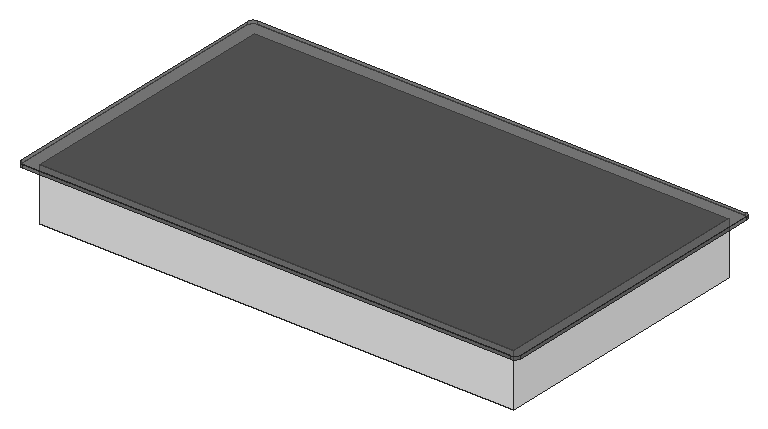
Revit family "M_Fogão-elétrico-900 mm", category Equipamento especial, Revit 2019
Family settings
  Cota do conector redondo = Utilizar diâmetro
  Tipo de parte = Normal
  Número OmniClass = 23.40.40.14
  Título OmniClass = Food Service Equipment
  Com base no plano de trabalho = Sim
  Sempre na vertical = Sim
  Corte com vazios quando carregada = Não
  Compartilhado = Não
  Ponto de cálculo do ambiente = Não
Parameters (values of type "900mm")
  Largura = 900 mm
  Voltagem = 120 V
  Type Comments = ""
  Acabamento do porão = Eletrodoméstico – Cromado
  Mostrar legenda = yes
  Consumo de energia = 1000 VA
  Legenda = "Fogão"
  Altura da superfície = 6 mm
  Espessura da carcaça = 100 mm
  Descrição = "Fogão elétrico"
  Elevação-padrão = 1200 mm
  Profundidade do balcão = 530 mm
  Código de montagem = "E1090320"
  Acabamento do eletrodoméstico = Eletrodoméstico – Vidro
  Amperagem = Consumo de energia / Voltagem  # 8.33333 A
Reference planes
  plane 1 "Face do armário": y = 3.2
  plane 2: z = 0
  plane 3 "Centro (Esquerda/Direita)": x = 0
  plane 4 "Esquerda": x = -450
  plane 5 "Direita": x = 450
  plane 6 "Parte posterior": y = 268.2
  plane 7 "Traseira da porta": y = -261.8
  plane 8 "Superior": z = 6
  plane 9 "Base": z = -94
  plane 10: x = -428
  plane 11: x = 428
  plane 12: y = -239.8
  plane 13: y = 246.2
  plane 14 "Fogão elétrico": x = 364.5
  plane 15: x = -297.063
  plane 16: x = -25.529
  plane 17: x = -51.675
  plane 18: x = 259.463
  plane 19: y = 210.653
  plane 20: y = -112.275
  plane 21: y = -123.387
  plane 22: y = 40.4
  plane 23: y = 118.975
  plane 24: y = 103.7
  plane 25: x = 65.276
  plane 26: y = -144.096
  plane 27: x = -52.428
  plane 28: y = -515.8
Forms (mm)
  Extrusion 1, solid, material "Eletrodoméstico – Vidro" <- "Acabamento do eletrodoméstico"
    sketch origin (0, 0, 0) x (1, 0, 0) y (0, 1, 0)
      loop
        arc (-440.475, 268.2) -> (-447.21, 265.41) -> (-450, 258.675) r 9.525
        line (-450, 258.675) -> (-450, -252.275)
        arc (-450, -252.275) -> (-447.21, -259.01) -> (-440.475, -261.8) r 9.525
        line (-440.475, -261.8) -> (440.475, -261.8)
        arc (440.475, -261.8) -> (447.21, -259.01) -> (450, -252.275) r 9.525
        line (450, -252.275) -> (450, 258.675)
        arc (450, 258.675) -> (447.21, 265.41) -> (440.475, 268.2) r 9.525
        line (440.475, 268.2) -> (-440.475, 268.2)
    from 0 to 6
  Extrusion 2, solid, material "Eletrodoméstico – Vidro" <- "Acabamento do eletrodoméstico"
    sketch origin (0, 0, -94) x (-1, 0, 0) y (0, -1, 0)
      loop
        line (428, -246.2) -> (428, 239.8) -> (-428, 239.8) -> (-428, -246.2) -> (428, -246.2)
    from 0 to 94
  Sweep 3, solid, material "Eletrodoméstico – Cromado" <- "Acabamento do porão", detail levels medium+fine
    path origin (364.5, 0, 0) x (0, 0, 1) y (0, -1, 0)
      loop
        line (-97.528, -132.338) -> (-97.528, -158.196)
        arc (-97.528, -158.196) -> (-97.063, -159.319) -> (-95.94, -159.784) r 1.587
        line (-95.94, -159.784) -> (-94, -159.784)
    profile origin (364.5, 145.267, -97.528) x (0, 0, 1) y (1, 0, 0)
      loop
        circle (-12.7, 0) r 12.7
Lines and regions (mm)
  Split face 1
    outline origin (-7.2, 0, 6) x (1, 0, 0) y (0, 1, 0)
      loop
        line (457.2, -144.096) -> (72.476, -144.096) -> (-45.228, -261.8)
  Split face 2
    outline origin (7.938, 3.175, 6) x (1, 0, 0) y (0, 1, 0)
      loop
        circle (-305, 115.8) r 91.678
  Split face 3
    outline origin (7.938, 3.175, 6) x (1, 0, 0) y (0, 1, 0)
      loop
        circle (-305, 115.8) r 88.503
  Split face 4
    outline origin (17.462, -25.4, 6) x (1, 0, 0) y (0, 1, 0)
      loop
        circle (242, 65.8) r 66.675
  Split face 5
    outline origin (17.462, -25.4, 6) x (1, 0, 0) y (0, 1, 0)
      loop
        circle (242, 65.8) r 69.85
  Split face 6
    outline origin (17.462, -25.4, 6) x (1, 0, 0) y (0, 1, 0)
      loop
        circle (242, 65.8) r 103.188
  Split face 7
    outline origin (17.462, -25.4, 6) x (1, 0, 0) y (0, 1, 0)
      loop
        circle (242, 65.8) r 106.362
  Split face 8
    outline origin (17.462, -25.4, 6) x (1, 0, 0) y (0, 1, 0)
      loop
        circle (242, 65.8) r 130.175
  Split face 9
    outline origin (17.462, -25.4, 6) x (1, 0, 0) y (0, 1, 0)
      loop
        circle (242, 65.8) r 134.938
  Split face 10
    outline origin (0, 0, 6) x (1, 0, 0) y (0, 1, 0)
      loop
        circle (-297.063, -112.275) r 91.678
  Split face 11
    outline origin (60.325, -1.587, 6) x (1, 0, 0) y (0, 1, 0)
      loop
        circle (-112, -121.8) r 73.025
  Split face 12
    outline origin (60.325, -1.587, 6) x (1, 0, 0) y (0, 1, 0)
      loop
        circle (-112, -121.8) r 69.85
  Split face 13
    outline origin (0, 0, 6) x (1, 0, 0) y (0, 1, 0)
      loop
        circle (-297.063, -112.275) r 88.503
  Split face 14
    outline origin (0, 0, 6) x (1, 0, 0) y (0, 1, 0)
      loop
        circle (-25.529, 103.7) r 68.263
  Split face 15
    outline origin (0, 0, 6) x (1, 0, 0) y (0, 1, 0)
      loop
        circle (-25.529, 103.7) r 103.209
  Split face 16
    outline origin (0, 0, 6) x (1, 0, 0) y (0, 1, 0)
      loop
        line (-389.245, 84.166) -> (-389.245, -74.583)
        arc (-389.245, -74.583) -> (-387.657, -76.171) -> (-386.07, -74.583) r 1.588
        line (-386.07, -74.583) -> (-386.07, 84.166)
        arc (-386.07, 84.166) -> (-387.657, 85.754) -> (-389.245, 84.166) r 1.588
  Split face 17
    outline origin (0, 0, 6) x (1, 0, 0) y (0, 1, 0)
      loop
        line (-208.055, 84.166) -> (-208.055, -74.583)
        arc (-208.055, -74.583) -> (-206.468, -76.171) -> (-204.88, -74.583) r 1.588
        line (-204.88, -74.583) -> (-204.88, 84.166)
        arc (-204.88, 84.166) -> (-206.468, 85.754) -> (-208.055, 84.166) r 1.588
  Split face 18
    outline origin (0, 0, 6) x (1, 0, 0) y (0, 1, 0)
      loop
        circle (-25.529, 103.7) r 106.363
  Split face 19
    outline origin (0, 0, 6) x (1, 0, 0) y (0, 1, 0)
      loop
        circle (-297.063, 118.975) r 88.503
  Split face 20
    outline origin (0, 0, 0) x (-1, 0, 0) y (0, -1, 0)
      loop
        circle (-259.463, -40.4) r 66.675
  Split face 21
    outline origin (0, 0, 6) x (1, 0, 0) y (0, 1, 0)
      loop
        circle (-25.529, 103.7) r 65.228
  model lines, style "Eletrodomésticos"
    curve 1: line (364.5, 169.909, -121.658) -> (364.5, 169.909, -94)
Dimensions and locks
  equal spacing: plane 4 "Esquerda", plane 3 "Centro (Esquerda/Direita)", plane 5 "Direita"
  "Largura": plane 4 "Esquerda" to plane 5 "Direita"
  "Altura da superfície": plane 8 "Superior" to level
  "Espessura da carcaça": plane 8 "Superior" to plane 9 "Base"
  "Profundidade do balcão": plane 6 "Parte posterior" to plane 7 "Traseira da porta"
  equal spacing: plane 6 "Parte posterior", plane 1 "Face do armário", plane 7 "Traseira da porta"
  locked: plane 4 "Esquerda" to plane 10 at 22
  locked: plane 11 to plane 5 "Direita" at 22
  locked: plane 6 "Parte posterior" to plane 13 at 22
  locked: plane 12 to plane 7 "Traseira da porta" at 22
  locked: plane 14 "Fogão elétrico" to plane 11 at 63.5
  plane 10 to plane 15 to plane 16 = 130.937 mm locked, 271.534 mm locked
  locked: plane 18 to plane 11 at 168.538
  locked: plane 10 to plane 17 at 376.325
  locked: plane 12 to plane 20 at 127.525
  locked: plane 12 to plane 21 at 116.413
  locked: plane 13 to plane 22 at 205.8
  locked: plane 13 to plane 19 at 35.547
  locked: plane 19 to plane 23 at 91.678
  locked: plane 19 to plane 24 at 106.953
  locked: plane 25 to plane 5 "Direita" at 384.724
  locked: plane 26 to plane 7 "Traseira da porta" at 117.704
  locked: plane 27 to plane 25 at 117.704
  locked: plane 7 "Traseira da porta" to plane 28 at 254
  aligned and locked: plane 2 to level
  aligned and locked: Extrusion 1 sketch curve to plane 6 "Parte posterior"
  aligned and locked: plane 4 "Esquerda" to Extrusion 1 sketch curve
  aligned and locked: plane 7 "Traseira da porta" to Extrusion 1 sketch curve
  aligned and locked: Extrusion 1 sketch curve to plane 5 "Direita"
  aligned and locked: plane 8 "Superior" to Extrusion 1
  aligned and locked: plane 3 "Centro (Esquerda/Direita)" to nested 1
  aligned and locked: Extrusion 2 sketch curve to plane 13
  aligned and locked: Extrusion 2 sketch curve to plane 10
  aligned and locked: plane 12 to Extrusion 2 sketch curve
  aligned and locked: plane 11 to Extrusion 2 sketch curve
  aligned and locked: level to Extrusion 2
  aligned and locked: plane 26 to Split face 1
  aligned and locked: plane 5 "Direita" to Split face 1
  aligned and locked: plane 28 to nested 1
Automatic sketch dimensions
  plane 4 "Esquerda" to Extrusion 1 sketch curve = 9.525 mm  (x2)
  Extrusion 1 sketch curve to plane 5 "Direita" = 9.525 mm  (x2)
  Split face 2 sketch curve to Split face 2 sketch curve = 0 mm  (x2)
  Split face 2 sketch curve to Extrusion 1 = 152.937 mm
  Split face 2 sketch curve to Extrusion 1 = 149.225 mm
  Split face 2 sketch curve to Extrusion 1 = 61.259 mm
  Split face 3 sketch curve to Split face 3 sketch curve = 0 mm  (x2)
  Split face 3 sketch curve to Extrusion 1 = 152.937 mm
  Split face 3 sketch curve to Extrusion 1 = 149.225 mm
  Split face 3 sketch curve to Extrusion 1 = 64.434 mm
  Split face 4 sketch curve to Split face 4 sketch curve = 0 mm  (x2)
  Split face 4 sketch curve to Extrusion 1 = 190.537 mm
  Split face 4 sketch curve to Extrusion 1 = 227.8 mm
  Split face 4 sketch curve to Split face 4 sketch curve = 66.675 mm
  Split face 5 sketch curve to Split face 5 sketch curve = 0 mm  (x2)
  Split face 5 sketch curve to Extrusion 1 = 190.537 mm
  Split face 5 sketch curve to Extrusion 1 = 227.8 mm
  Split face 5 sketch curve to Split face 5 sketch curve = 69.85 mm
  Split face 6 sketch curve to Split face 6 sketch curve = 0 mm  (x2)
  Split face 6 sketch curve to Extrusion 1 = 190.537 mm
  Split face 6 sketch curve to Extrusion 1 = 227.8 mm
  Split face 6 sketch curve to Split face 6 sketch curve = 103.188 mm
  Split face 7 sketch curve to Split face 7 sketch curve = 0 mm  (x2)
  Split face 7 sketch curve to Extrusion 1 = 190.537 mm
  Split face 7 sketch curve to Extrusion 1 = 227.8 mm
  Split face 7 sketch curve to Split face 7 sketch curve = 106.363 mm
  Split face 8 sketch curve to Split face 8 sketch curve = 0 mm  (x2)
  Split face 8 sketch curve to Extrusion 1 = 190.537 mm
  Split face 8 sketch curve to Extrusion 1 = 227.8 mm
  Split face 8 sketch curve to Split face 8 sketch curve = 130.175 mm
  Split face 9 sketch curve to Split face 9 sketch curve = 0 mm  (x2)
  Split face 9 sketch curve to Extrusion 1 = 190.537 mm
  Split face 9 sketch curve to Extrusion 1 = 227.8 mm
  Split face 9 sketch curve to Split face 9 sketch curve = 134.938 mm
  Split face 10 sketch curve to Split face 10 sketch curve = 0 mm  (x2)
  Split face 10 sketch curve to Extrusion 1 = 152.937 mm
  Split face 10 sketch curve to Extrusion 1 = 149.525 mm
  Split face 10 sketch curve to Extrusion 1 = 61.259 mm
  Split face 11 sketch curve to Split face 11 sketch curve = 0 mm  (x2)
  Split face 11 sketch curve to Extrusion 1 = 138.413 mm
  Split face 11 sketch curve to Extrusion 1 = 398.325 mm
  Split face 11 sketch curve to Split face 11 sketch curve = 73.025 mm
  Split face 12 sketch curve to Split face 12 sketch curve = 0 mm  (x2)
  Split face 12 sketch curve to Extrusion 1 = 138.413 mm
  Split face 12 sketch curve to Extrusion 1 = 398.325 mm
  Split face 12 sketch curve to Split face 12 sketch curve = 69.85 mm
  Split face 13 sketch curve to Split face 13 sketch curve = 0 mm  (x2)
  Split face 13 sketch curve to Extrusion 1 = 152.937 mm
  Split face 13 sketch curve to Extrusion 1 = 149.525 mm
  Split face 13 sketch curve to Extrusion 1 = 64.434 mm
  Split face 14 sketch curve to Extrusion 1 = 164.5 mm
  Split face 14 sketch curve to Extrusion 1 = 424.471 mm
  Split face 15 sketch curve to Extrusion 1 = 164.5 mm
  Split face 15 sketch curve to Extrusion 1 = 424.471 mm
  Split face 16 sketch curve to Extrusion 1 = 60.755 mm
  Split face 16 sketch curve to Split face 16 sketch curve = 1.587 mm
  Split face 16 sketch curve to Extrusion 1 = 187.217 mm
  Split face 16 sketch curve to Split face 16 sketch curve = 158.749 mm
  Split face 17 sketch curve to Split face 17 sketch curve = 1.588 mm
  Split face 17 sketch curve to Extrusion 1 = 187.217 mm
  Split face 17 sketch curve to Split face 17 sketch curve = 158.749 mm
  Split face 17 sketch curve to Extrusion 1 = 241.945 mm
  Extrusion 1 to Split face 1 sketch curve = 0 mm
  Split face 1 sketch curve to Extrusion 1 = 0 mm
  Split face 1 sketch curve to Extrusion 1 = 117.704 mm
  Split face 1 sketch curve to Split face 1 sketch curve = 384.724 mm
  Split face 1 sketch curve to Split face 1 sketch curve = 117.704 mm
  curve 1 to plane 9 "Base" = 0 mm
  curve 1 to plane 13 = 76.291 mm
  curve 1 to plane 9 "Base" = 27.658 mm
  Sweep 3 sketch curve to plane 14 "Fogão elétrico" = 0 mm
  profile plane to Sweep 3 sketch curve = 12.7 mm
  Sweep 3 sketch curve to plane 9 "Base" = 0 mm
  Sweep 3 sketch curve to plane 9 "Base" = 1.94 mm
  Sweep 3 sketch curve to Sweep 3 sketch curve = 1.587 mm
  Sweep 3 sketch curve to plane 13 = 86.416 mm
  Sweep 3 sketch curve to Sweep 3 sketch curve = 25.859 mm
  Split face 18 sketch curve to Extrusion 1 = 164.5 mm
  Split face 18 sketch curve to Extrusion 1 = 424.471 mm
  Split face 19 sketch curve to Extrusion 1 = 152.937 mm
  Split face 19 sketch curve to Extrusion 1 = 149.225 mm
  Split face 20 sketch curve to Extrusion 2 = 168.538 mm
  Split face 20 sketch curve to Extrusion 2 = 205.8 mm
  Split face 21 sketch curve to Extrusion 1 = 164.5 mm
  Split face 21 sketch curve to Extrusion 1 = 424.471 mm
  radius of Split face 14 sketch curve = 68.263 mm
  radius of Split face 15 sketch curve = 103.209 mm
  radius of Sweep 3 sketch curve = 12.7 mm
  radius of Split face 18 sketch curve = 106.363 mm
  radius of Split face 19 sketch curve = 88.503 mm
  radius of Split face 20 sketch curve = 66.675 mm
  radius of Split face 21 sketch curve = 65.228 mm
Nested families
  nested 1: "Anotação de legenda de 2,5" at (0, -515.8, 0), visible <- "Mostrar legenda", type "Anotação de legenda de 2,5"
Connectors
  electrical at (364.5, 132.338, -110.228), driven by "Voltagem", driven by "Consumo de energia"
    settings: on Sweep 3, index 1, voltage 120 V, apparent load 1000 VA, apparent load phase1 0 VA, apparent load phase2 0 VA, apparent load phase3 0 VA, power factor 1, load classification "Eletrodoméstico", number of poles 1, system type 30, power factor state 1, is connector primary yes, connector utility no, sub classification motor no, connector description "Potência do fogão"
Definition of nested family "Anotação de legenda de 2,5"
  Parameters
    Legenda = "Congelador 36 LH"
  Reference planes
    plane 1: y = 0
    plane 2: x = 0
  Text (mm)
    label "Legenda" at (0.095, -0.088, 0), shows "Legenda"
